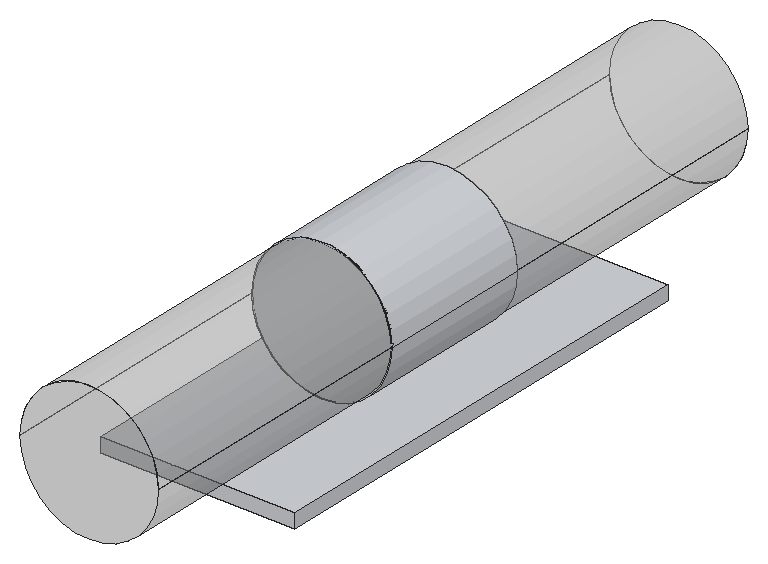
Revit family "1496", category Lighting Fixtures, Revit 2016
Family settings
  Part Type = Normal
  Round Connector Dimension = Use Diameter
  OmniClass Number = 23.80.70.00
  OmniClass Title = Lighting
  Work Plane-Based = No
  Always vertical = Yes
  Cut with Voids When Loaded = No
  Light Source = Yes
  Shared = No
  Room Calculation Point = No
Parameters
  Wattage = 12.1178 W
  built-in parameter 1150110 = 1 (stored number, unit not read)
  built-in parameter 1114217 = 1 (stored number, unit not read)
  built-in parameter 1150109 = 1 (stored number, unit not read)
  built-in parameter 1150134 = (empty or 0)
  built-in parameter 1150113 = 1 (stored number, unit not read)
  Lumens = 1800 lm
  built-in parameter 1150115 = 1 (stored number, unit not read)
  built-in parameter 1150105 = 143.24 (stored number, unit not read)
  Light Source Symbol Size = 2' - 0"
  built-in parameter 1150137 = (empty or 0)
  built-in parameter 1150139 = (empty or 0)
  built-in parameter 1150112 = 1 (stored number, unit not read)
  built-in parameter 1150114 = 1 (stored number, unit not read)
  built-in parameter 1150132 = 2
  built-in parameter 1150102 = (empty or 0)
  built-in parameter 1150138 = (empty or 0)
  built-in parameter 1150107 = 3000 (stored number, unit not read)
  built-in parameter 1150106 = 1.4324 (stored number, unit not read)
  built-in parameter 1150104 = 13.8 (stored number, unit not read)
  Dimming Lamp Color Temperature Shift = (empty or 0)
  Color Filter = 16777215
  built-in parameter 1114218 = 1 (stored number, unit not read)
  built-in parameter 1150133 = 10 (stored number, unit not read)
Reference planes (in)
  plane 1 "Light Source Axis (F/B)": y = 0
  plane 2: z = 0
  plane 3 "Light Source Axis (L/R)": x = 0
  plane 4 "Light Source Elevation": z = 4
  plane 5: y = 2.00062
Forms (in)
  Extrusion 1, solid
    sketch origin (0, 0, 0) x (1, 0, 0) y (0, 1, 0)
      loop
        line (-2.5, -6) -> (2.5, -6) -> (2.5, 6) -> (-2.5, 6) -> (-2.5, -6)
    from 0 to 0.375
  Extrusion 2, solid
    sketch origin (0, 0, 0) x (1, 0, 0) y (0, 0, 1)
      loop
        circle (0, 2.1875) r 1.8125
    from -2.00062 to 2
  Extrusion 3, solid, material "Acrylic-Brownlee"
    sketch origin (0, 2.00062, 4) x (0, 0, 1) y (-1, 0, 0)
      loop
        circle (-1.8125, 0) r 1.78513
    from 4.00062 to 11.50062
  Extrusion 4, solid, material "Acrylic-Brownlee"
    sketch origin (0, -2.00062, 4) x (0, 0, 1) y (1, 0, 0)
      loop
        circle (-1.8125, 0) r 1.78513
    from 4.00062 to 11.50062
Dimensions and locks (in)
  aligned and locked: plane 3 "Light Source Axis (L/R)" to imposter light
  aligned and locked: plane 1 "Light Source Axis (F/B)" to imposter light
  aligned and locked: plane 4 "Light Source Elevation" to imposter light
  aligned and locked: level to plane 2
